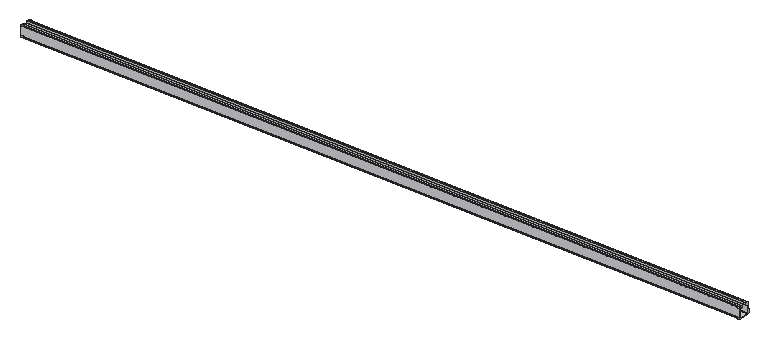
Revit family "Montageschiene 45- 45-2,5  3m fbv Langloch 2D", category HLS-Bauteile, Revit 2023
Family settings
  Bemaßung runder Anschluss = Durchmesser verwenden
  Teiletyp = Normal
  Arbeitsebenenbasiert = Ja
  Immer vertikal = Nein
  Beim Laden mit Abzugskörper schneiden = Nein
  Beschriftungsausrichtung beibehalten = Nein
  Gemeinsam genutzt = Ja
  Raumberechnungspunkt = Nein
Parameters (values of type "C-Profil 45- 45-2,5  L=3000 fbv")
  vpe = "30"
  Widerstandsmoment Wz = "5.64 cm³"
  Widerstandsmoment Wy = "3.80 cm³"
  Default Elevation = 1219.2 mm
  Trägheitsradius iz = "1.90 cm"
  Trägheitsradius iy = "1.58 cm"
  Torsionswiderstandsmoment Wt = " cm³"
  Stärke = 2.5 mm
  Streckgrenze = "250 N/mm²"
  Schwerpunktabstand ez = "2.25 cm"
  Schwerpunktabstand eu = "2.31 cm"
  Schwerpunktabstand eo = "2.19 cm"
  Schlitzbreite = "22 mm"
  Regelhalter [instance] = ""
  Profiltyp = "45/45"
  Profil = "C-Profil"
  Oberflaeche = "feuerbandverzinkt"
  Montagelänge [instance] = 3000 mm
  Mengeneinheit = "m"
  Materialname = "S250"
  Material = "Stahl"
  Länge = 3000 mm
  Lochdurchmesser = "18.00 mm"
  Langloch = "14.0 x 45.0 mm"
  Kurztext2 = "45 / 45 / 2,5 mm L= 3 m fbv"
  Kurztext1 = "Montageschiene C-Profil"
  Höhe = "45 mm"
  Gewicht pro Stück [instance] = (Gewicht * Montagelänge / (1000 mm * 1000 mm)) * 1000 mm  # 8.88 kg
  Gewicht pro Bauteil [instance] = Gewicht pro Stück  # 8.88 kg
  Gewicht = 2.96 kg
  Gesamtlänge [instance] = Montagelänge  # 3000 mm
  Gesamtgewicht [instance] = Gewicht pro Bauteil  # 8.88 kg
  Fläche (schwächster Profilquerschnitt) = 0.000353 m²
  Firma = "MEFA Befestigungs- und Montagesysteme GmbH"
  Fabrikat = "MEFA"
  Erweiterung Langloch = "18.0 mm"
  EAN = "4250928448057"
  Bund = "180 m"
  Breite = 45 mm
  Artikelnummer = "0820453251"
  Anzahl Langloch [instance] = Montagelänge / 105 mm  # 29
  Abmessung = "45/45/2.5 mm"
Reference planes
  plane 1 "Mitte (Vorne/hinten)": y = 0
  plane 2: z = 0
  plane 3 "Mitte (Links/rechts)": x = 0
  plane 4: x = 3000
Forms (mm)
  Extrusion 1, solid, detail levels fine
    sketch origin (0, 0, 0) x (0, 1, 0) y (0, 0, 1)
      loop
        arc (19, 0) -> (21.475, 1.025) -> (22.5, 3.5) r 3.5
        line (22.5, 3.5) -> (22.5, 42)
        arc (22.5, 42) -> (21.621, 44.121) -> (19.5, 45) r 3
        line (19.5, 45) -> (12, 45)
        arc (12, 45) -> (11.293, 44.707) -> (11, 44) r 1
        line (11, 44) -> (11, 37.5) -> (13.5, 37.5) -> (13.5, 42.5) -> (19.5, 42.5)
        arc (19.5, 42.5) -> (19.854, 42.354) -> (20, 42) r 0.5
        line (20, 42) -> (20, 3.5)
        arc (20, 3.5) -> (19.707, 2.793) -> (19, 2.5) r 1
        line (19, 2.5) -> (-19, 2.5)
        arc (-19, 2.5) -> (-19.707, 2.793) -> (-20, 3.5) r 1
        line (-20, 3.5) -> (-20, 42)
        arc (-20, 42) -> (-19.854, 42.354) -> (-19.5, 42.5) r 0.5
        line (-19.5, 42.5) -> (-13.5, 42.5) -> (-13.5, 37.5) -> (-11, 37.5) -> (-11, 44)
        arc (-11, 44) -> (-11.293, 44.707) -> (-12, 45) r 1
        line (-12, 45) -> (-19.5, 45)
        arc (-19.5, 45) -> (-21.621, 44.121) -> (-22.5, 42) r 3
        line (-22.5, 42) -> (-22.5, 3.5)
        arc (-22.5, 3.5) -> (-21.475, 1.025) -> (-19, 0) r 3.5
        line (-19, 0) -> (19, 0)
    from 0 to 3000
  Extrusion 2, solid, detail levels medium
    sketch origin (0, 0, 0) x (0, 1, 0) y (0, 0, 1)
      loop
        line (22.5, 0) -> (22.5, 45) -> (11, 45) -> (11, 37.5) -> (13.5, 37.5) -> (13.5, 42.5) -> (20, 42.5) -> (20, 2.5) -> (-20, 2.5) -> (-20, 42.5) -> (-13.5, 42.5) -> (-13.5, 37.5) -> (-11, 37.5) -> (-11, 45) -> (-22.5, 45) -> (-22.5, 0) -> (22.5, 0)
    from 0 to 3000
  Extrusion 3, solid, detail levels coarse
    sketch origin (0, 0, 0) x (0, 1, 0) y (0, 0, 1)
      loop
        line (22.5, 0) -> (22.5, 45) -> (-22.5, 45) -> (-22.5, 0) -> (22.5, 0)
    from 0 to 3000
Dimensions and locks
  "Montagelänge": plane 4 to plane 3 "Mitte (Links/rechts)"
  equal spacing: group 1, group 2, group 3, group 4, group 5, group 6, group 7, group 8, group 9, group 10, group 11, group 12, group 13, group 14, group 15, group 16, group 17, group 18, group 19, group 20, group 21, group 22, group 23, group 24, group 25, group 26, group 27, group 28, group 29  (x3)
  aligned and locked: level to plane 2
  aligned and locked: plane 4 to Extrusion 1
  aligned and locked: Extrusion 1 to plane 4
  aligned and locked: plane 4 to Extrusion 2
  aligned and locked: plane 4 to Extrusion 3
  aligned and locked: Extrusion 1 to plane 3 "Mitte (Links/rechts)"
  aligned and locked: Extrusion 2 to plane 3 "Mitte (Links/rechts)"
  aligned and locked: Extrusion 3 to plane 3 "Mitte (Links/rechts)"
  aligned and locked: nested 1 to plane 1 "Mitte (Vorne/hinten)"
Automatic sketch dimensions
  Extrusion 1 sketch curve to Extrusion 1 sketch curve = 0 mm  (x9)
  Extrusion 1 sketch curve to level = 0 mm
  level to Extrusion 1 sketch curve = 3.5 mm  (x2)
  plane 1 "Mitte (Vorne/hinten)" to Extrusion 1 sketch curve = 22.5 mm
  Extrusion 1 sketch curve to Extrusion 1 sketch curve = 2.5 mm  (x2)
  Extrusion 1 sketch curve to Extrusion 1 sketch curve = 0.5 mm  (x2)
  Extrusion 1 sketch curve to Extrusion 1 sketch curve = 6 mm
  Extrusion 1 sketch curve to Extrusion 1 sketch curve = 1.5 mm  (x2)
  Extrusion 1 sketch curve to plane 1 "Mitte (Vorne/hinten)" = 11 mm
  Extrusion 1 sketch curve to Extrusion 1 sketch curve = 1 mm
  Extrusion 1 sketch curve to plane 1 "Mitte (Vorne/hinten)" = 19 mm
  Extrusion 1 sketch curve to Extrusion 1 sketch curve = 34 mm
  Extrusion 1 sketch curve to Extrusion 1 sketch curve = 4.5 mm  (x2)
  level to Extrusion 2 sketch curve = 0 mm
  plane 1 "Mitte (Vorne/hinten)" to Extrusion 2 sketch curve = 22.5 mm
  Extrusion 2 sketch curve to Extrusion 2 sketch curve = 2.5 mm  (x7)
  Extrusion 2 sketch curve to plane 1 "Mitte (Vorne/hinten)" = 11 mm
  Extrusion 2 sketch curve to Extrusion 2 sketch curve = 0 mm
  Extrusion 2 sketch curve to Extrusion 2 sketch curve = 5 mm  (x2)
  Extrusion 2 sketch curve to Extrusion 2 sketch curve = 6.5 mm  (x2)
  Extrusion 2 sketch curve to Extrusion 2 sketch curve = 37.5 mm
  Extrusion 3 sketch curve to level = 0 mm
  plane 1 "Mitte (Vorne/hinten)" to Extrusion 3 sketch curve = 22.5 mm
  Extrusion 3 sketch curve to plane 1 "Mitte (Vorne/hinten)" = 22.5 mm
  level to Extrusion 3 sketch curve = 45 mm
Nested families
  nested 1: "Langloch 14 x 45 18 2D" at (52.498, 0, 0) x (1, 0, 0) z (0, 0, -1), type "Langloch 14 x 45 18 2D", detail levels fine
  nested 2: "Langloch 14 x 45 18 2D" at (157.498, 0, 0) x (1, 0, 0) z (0, 0, -1), type "Langloch 14 x 45 18 2D", detail levels fine
  nested 3: "Langloch 14 x 45 18 2D" at (262.498, 0, 0) x (1, 0, 0) z (0, 0, -1), type "Langloch 14 x 45 18 2D", detail levels fine
  nested 4: "Langloch 14 x 45 18 2D" at (367.498, 0, 0) x (1, 0, 0) z (0, 0, -1), type "Langloch 14 x 45 18 2D", detail levels fine
  nested 5: "Langloch 14 x 45 18 2D" at (472.498, 0, 0) x (1, 0, 0) z (0, 0, -1), type "Langloch 14 x 45 18 2D", detail levels fine
  nested 6: "Langloch 14 x 45 18 2D" at (577.498, 0, 0) x (1, 0, 0) z (0, 0, -1), type "Langloch 14 x 45 18 2D", detail levels fine
  nested 7: "Langloch 14 x 45 18 2D" at (682.498, 0, 0) x (1, 0, 0) z (0, 0, -1), type "Langloch 14 x 45 18 2D", detail levels fine
  nested 8: "Langloch 14 x 45 18 2D" at (787.498, 0, 0) x (1, 0, 0) z (0, 0, -1), type "Langloch 14 x 45 18 2D", detail levels fine
  nested 9: "Langloch 14 x 45 18 2D" at (892.498, 0, 0) x (1, 0, 0) z (0, 0, -1), type "Langloch 14 x 45 18 2D", detail levels fine
  nested 10: "Langloch 14 x 45 18 2D" at (997.498, 0, 0) x (1, 0, 0) z (0, 0, -1), type "Langloch 14 x 45 18 2D", detail levels fine
  nested 11: "Langloch 14 x 45 18 2D" at (1102.498, 0, 0) x (1, 0, 0) z (0, 0, -1), type "Langloch 14 x 45 18 2D", detail levels fine
  nested 12: "Langloch 14 x 45 18 2D" at (1207.498, 0, 0) x (1, 0, 0) z (0, 0, -1), type "Langloch 14 x 45 18 2D", detail levels fine
  nested 13: "Langloch 14 x 45 18 2D" at (1312.498, 0, 0) x (1, 0, 0) z (0, 0, -1), type "Langloch 14 x 45 18 2D", detail levels fine
  nested 14: "Langloch 14 x 45 18 2D" at (1417.498, 0, 0) x (1, 0, 0) z (0, 0, -1), type "Langloch 14 x 45 18 2D", detail levels fine
  nested 15: "Langloch 14 x 45 18 2D" at (1522.498, 0, 0) x (1, 0, 0) z (0, 0, -1), type "Langloch 14 x 45 18 2D", detail levels fine
  nested 16: "Langloch 14 x 45 18 2D" at (1627.498, 0, 0) x (1, 0, 0) z (0, 0, -1), type "Langloch 14 x 45 18 2D", detail levels fine
  nested 17: "Langloch 14 x 45 18 2D" at (1732.498, 0, 0) x (1, 0, 0) z (0, 0, -1), type "Langloch 14 x 45 18 2D", detail levels fine
  nested 18: "Langloch 14 x 45 18 2D" at (1837.498, 0, 0) x (1, 0, 0) z (0, 0, -1), type "Langloch 14 x 45 18 2D", detail levels fine
  nested 19: "Langloch 14 x 45 18 2D" at (1942.498, 0, 0) x (1, 0, 0) z (0, 0, -1), type "Langloch 14 x 45 18 2D", detail levels fine
  nested 20: "Langloch 14 x 45 18 2D" at (2047.498, 0, 0) x (1, 0, 0) z (0, 0, -1), type "Langloch 14 x 45 18 2D", detail levels fine
  nested 21: "Langloch 14 x 45 18 2D" at (2152.498, 0, 0) x (1, 0, 0) z (0, 0, -1), type "Langloch 14 x 45 18 2D", detail levels fine
  nested 22: "Langloch 14 x 45 18 2D" at (2257.498, 0, 0) x (1, 0, 0) z (0, 0, -1), type "Langloch 14 x 45 18 2D", detail levels fine
  nested 23: "Langloch 14 x 45 18 2D" at (2362.498, 0, 0) x (1, 0, 0) z (0, 0, -1), type "Langloch 14 x 45 18 2D", detail levels fine
  nested 24: "Langloch 14 x 45 18 2D" at (2467.498, 0, 0) x (1, 0, 0) z (0, 0, -1), type "Langloch 14 x 45 18 2D", detail levels fine
  nested 25: "Langloch 14 x 45 18 2D" at (2572.498, 0, 0) x (1, 0, 0) z (0, 0, -1), type "Langloch 14 x 45 18 2D", detail levels fine
  nested 26: "Langloch 14 x 45 18 2D" at (2677.498, 0, 0) x (1, 0, 0) z (0, 0, -1), type "Langloch 14 x 45 18 2D", detail levels fine
  nested 27: "Langloch 14 x 45 18 2D" at (2782.498, 0, 0) x (1, 0, 0) z (0, 0, -1), type "Langloch 14 x 45 18 2D", detail levels fine
  nested 28: "Langloch 14 x 45 18 2D" at (2887.498, 0, 0) x (1, 0, 0) z (0, 0, -1), type "Langloch 14 x 45 18 2D", detail levels fine
  nested 29: "Langloch 14 x 45 18 2D" at (2992.498, 0, 0) x (1, 0, 0) z (0, 0, -1), type "Langloch 14 x 45 18 2D", detail levels fine
Definition of nested family "Langloch 14 x 45 18 2D"
  Parameters (values of type "Langloch 14 x 45 18 2D")
    Default Elevation = 1219.2 mm
  Reference planes
    plane 1 "Mitte (Vorne/hinten)": y = 0
    plane 2: z = 0
    plane 3 "Mitte (Links/rechts)": x = 0
  Forms (mm)
    Extrusion 1, solid
      sketch origin (0, 0, 0) x (1, 0, 0) y (0, 1, 0)
        loop
          line (-1219.2, 1219.2) -> (-1219.2, -1219.2) -> (1219.2, -1219.2) -> (1219.2, 1219.2) -> (-1219.2, 1219.2)
      from 0 to -304.8
  Lines and regions (mm)
    model lines
      curve 1: line (-15.498, 7, 0) -> (-5.645, 7, 0)
      curve 2: line (-15.498, -7, 0) -> (-5.645, -7, 0)
      curve 3: arc (15.692, 6.997, 0) -> (22.502, 0, 0) -> (15.692, -6.997, 0) r 7
      curve 6: arc (-15.498, 7, 0) -> (-22.498, 0, 0) -> (-15.498, -7, 0) r 7
      curve 7: line (-15.692, 7.5, 0) -> (-15.692, -7.5, 0)
      curve 8: line (-24.531, 0, 0) -> (24.555, 0, 0)
      curve 9: circle (52.502, 0, 0) r 9 normal (0, 0, 1)
      curve 10: line (52.502, 11, 0) -> (52.502, -11, 0)
      curve 12: line (42.937, 0, 0) -> (62.034, 0, 0)
      curve 13: arc (5.672, 6.997, 0) -> (0.014, 9, 0) -> (-5.645, 7, 0) r 9
      curve 14: line (15.692, 6.997, 0) -> (5.672, 6.997, 0)
      curve 15: line (15.692, -6.997, 0) -> (5.672, -6.997, 0)
      curve 16: arc (5.672, -6.997, 0) -> (0.014, -9, 0) -> (-5.645, -7, 0) r 9
      curve 17: line (0, 11, 0) -> (0, -11, 0)
      curve 19: line (15, 7.5, 0) -> (15, -7.5, 0)
    model lines, detail levels fine
      curve 4: line (-15.692, 0, 10) -> (-15.692, 0, -10)
      curve 5: line (15.692, 0, 10) -> (15.692, 0, -10)
      curve 11: line (52.502, 0, 10) -> (52.502, 0, -10)
      curve 18: line (0.014, 0, 10) -> (0.014, 0, -10)
  Dimensions and locks
    aligned and locked: plane 2 to Extrusion 1
    aligned and locked: level to Extrusion 1
    aligned and locked: curve 17 to plane 3 "Mitte (Links/rechts)"
